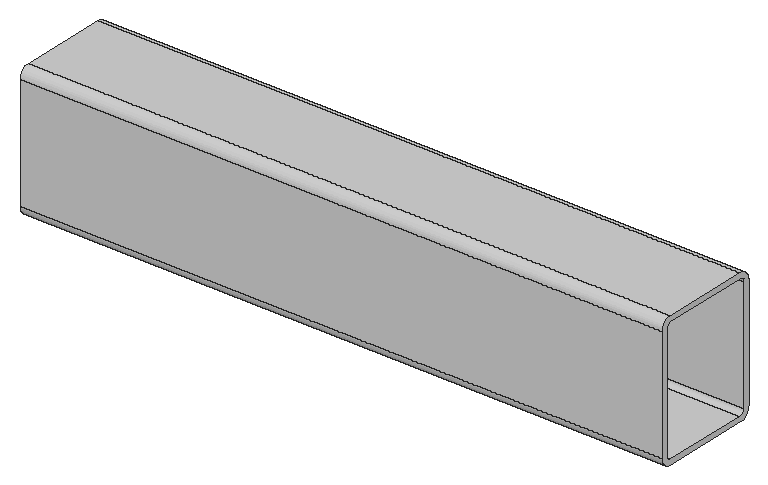
Revit family "HSS Rectangular", category Structural Framing, Revit 2020
Family settings
  Structural Framing Length Roundoff = 0' - 0"
  Section Shape = Rectangular HSS
  Material for Model Behavior = Steel
  Always export as geometry = No
  Code Name = AISC 14.1
  OmniClass Number = 23.25.30.11.14.14
  OmniClass Title = Beams
  Always vertical = Yes
  Cut with Voids When Loaded = No
  Symbolic Representation = From Project Settings
  Shared = No
  Show family pre-cut in plan views = Yes
Parameters (values of type "HSS10X8X3/8")
  Width = 0' - 8"
  Wall Nominal Thickness = 0' - 0 3/8"
  Wall Design Thickness = 0.3490"
  Torsional Moment of Inertia = 224.0000 in4
  Torsional Modulus = 51.400 in³
  Structural Material [instance] = Steel ASTM A500, Grade B, Rectangular and Square
  Section Name Key = ""
  Section Area = 11.800 in²
  Principal Axes Angle = 0.00°
  Plastic Modulus weak axis = 34.800 in³
  Plastic Modulus strong axis = 40.500 in³
  Outer Fillet = 0.7500"
  Nominal Weight = 42.79 lbf/ft
  Moment of Inertia weak axis = 120.0000 in4
  Moment of Inertia strong axis = 169.0000 in4
  Inner Fillet = 0.3750"
  Height = 0' - 10"
  Elastic Modulus weak axis = 30.000 in³
  Elastic Modulus strong axis = 33.900 in³
  Centroid Vertical = Height / 2  # 5.0000"
  Centroid Horizontal = Width / 2  # 4.0000"
  Assembly Code = "B10"
  Length [instance] = 5' - 0"
Reference planes (in)
  plane 1 "Center (Front/Back)": y = 0
  plane 2: z = 0
  plane 3 "Center (Left/Right)": x = 0.1815
  plane 4 "Member Left": x = -23.8185
  plane 5 "Member Right": x = 24.1815
  plane 6: y = 4
  plane 7: y = -4
  plane 8 "Top": z = 5
  plane 9: z = -5
  plane 10 "Left": x = -29.8185
  plane 11 "Right": x = 30.1815
Forms (in)
  Sweep 1, solid, material "Steel ASTM A500, Grade B, Rectangular and Square" <- "Structural Material", detail levels fine
    path origin (0, 0, 0) x (1, 0, 0) y (0, 1, 0)
      loop
        line (24.1815, 0) -> (-23.8185, 0)
    profile "Hollow-Structural-Section-Profile-Fine : Hollow-Structural-Section-Profile-Fine" origin (0.1815, 0, 0) x (0, -1, 0) y (0, 0, 1)
      loop
        arc (-3.25, 4.625) -> (-3.51517, 4.51517) -> (-3.625, 4.25) r 0.375
        line (-3.625, 4.25) -> (-3.625, -4.25)
        arc (-3.625, -4.25) -> (-3.51517, -4.51517) -> (-3.25, -4.625) r 0.375
        line (-3.25, -4.625) -> (3.25, -4.625)
        arc (3.25, -4.625) -> (3.51517, -4.51517) -> (3.625, -4.25) r 0.375
        line (3.625, -4.25) -> (3.625, 4.25)
        arc (3.625, 4.25) -> (3.51517, 4.51517) -> (3.25, 4.625) r 0.375
        line (3.25, 4.625) -> (-3.25, 4.625)
      loop
        arc (-4, -4.25) -> (-3.78033, -4.78033) -> (-3.25, -5) r 0.75
        line (-3.25, -5) -> (3.25, -5)
        arc (3.25, -5) -> (3.78033, -4.78033) -> (4, -4.25) r 0.75
        line (4, -4.25) -> (4, 4.25)
        arc (4, 4.25) -> (3.78033, 4.78033) -> (3.25, 5) r 0.75
        line (3.25, 5) -> (-3.25, 5)
        arc (-3.25, 5) -> (-3.78033, 4.78033) -> (-4, 4.25) r 0.75
        line (-4, 4.25) -> (-4, -4.25)
  Sweep 2, solid, material "Steel ASTM A500, Grade B, Rectangular and Square" <- "Structural Material", detail levels medium
    path origin (0, 0, 0) x (1, 0, 0) y (0, 1, 0)
      loop
        line (24.1815, 0) -> (-23.8185, 0)
    profile "Hollow-Structural-Section-Profile-Medium : Hollow-Structural-Section-Profile-Medium" origin (0.1815, 0, 0) x (0, -1, 0) y (0, 0, 1)
      loop
        line (-3.625, 4.625) -> (-3.625, -4.625) -> (3.625, -4.625) -> (3.625, 4.625) -> (-3.625, 4.625)
      loop
        line (-4, -5) -> (4, -5) -> (4, 5) -> (-4, 5) -> (-4, -5)
Lines and regions (in)
  symbolic lines, style "Hidden Faces", detail levels medium+fine
    curve 1: line (-23.8185, 0, 4.625) -> (24.1815, 0, 4.625)
    curve 2: line (-23.8185, 0, -4.625) -> (24.1815, 0, -4.625)
    curve 7: line (24.1815, -3.625, 0) -> (-23.8185, -3.625, 0)
    curve 8: line (24.1815, 3.625, 0) -> (-23.8185, 3.625, 0)
  symbolic lines, style "Stick Symbols", detail levels coarse
    curve 3: line (0.1815, -4, -5) -> (0.1815, 4, -5)
    curve 4: line (0.1815, 4, -5) -> (0.1815, 4, 5)
    curve 5: line (0.1815, 4, 5) -> (0.1815, -4, 5)
    curve 6: line (0.1815, -4, 5) -> (0.1815, -4, -5)
Dimensions and locks (in)
  "Width": plane 6 to plane 7
  "Height": plane 9 to plane 8 "Top"
  equal spacing: plane 9, plane 2, plane 8 "Top"
  equal spacing: plane 6, plane 1 "Center (Front/Back)", plane 7
  "Wall Nominal Thickness": plane 8 "Top" to curve 1
  "Wall Nominal Thickness": curve 2 to plane 9
  "Length": plane 10 "Left" to plane 11 "Right"
  "Wall Nominal Thickness": plane 6 to curve 8
  "Wall Nominal Thickness": curve 7 to plane 7
  aligned and locked: Sweep 1 sketch curve to plane 1 "Center (Front/Back)"
  aligned and locked: Sweep 2 sketch curve to plane 1 "Center (Front/Back)"
  aligned and locked: curve 6 to Sweep 2
  aligned and locked: curve 4 to Sweep 2
  aligned and locked: curve 5 to Sweep 2
  aligned and locked: curve 3 to Sweep 2
  aligned and locked: plane 4 "Member Left" to Sweep 2 sketch curve
  aligned and locked: plane 5 "Member Right" to Sweep 2 sketch curve
  aligned and locked: plane 4 "Member Left" to Sweep 1 sketch curve
  aligned and locked: plane 5 "Member Right" to Sweep 1 sketch curve
  aligned and locked: plane 4 "Member Left" to curve 8
  aligned and locked: plane 4 "Member Left" to curve 7
  aligned and locked: plane 5 "Member Right" to curve 8
  aligned and locked: plane 5 "Member Right" to curve 7
  aligned and locked: plane 4 "Member Left" to curve 2
  aligned and locked: plane 4 "Member Left" to curve 1
  aligned and locked: plane 5 "Member Right" to curve 2
  aligned and locked: plane 5 "Member Right" to curve 1
